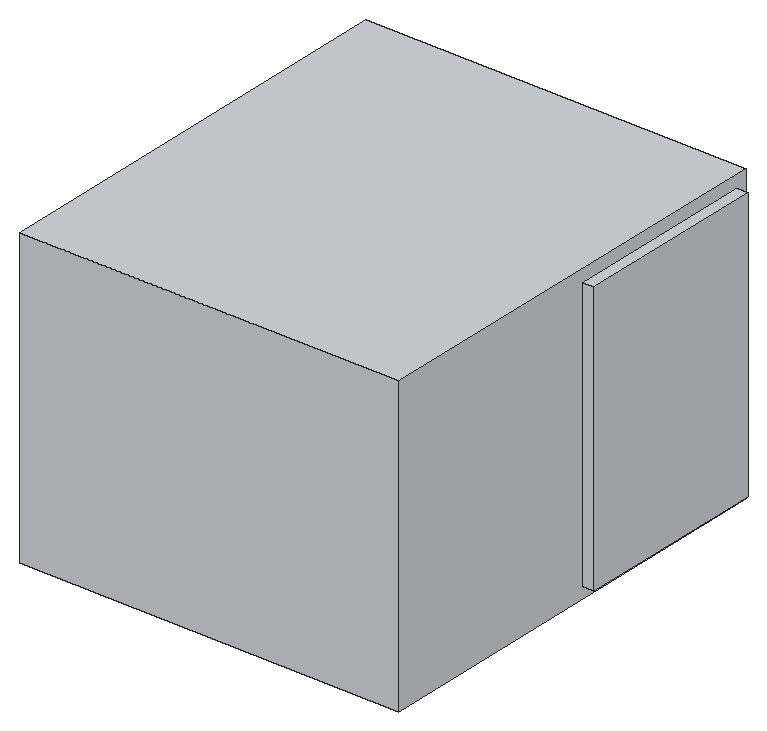
Revit family "M_Filtro - Saco", category Acessórios de duto, Revit 2019
Family settings
  Cota do conector redondo = Utilizar diâmetro
  Tipo de parte = Quebra em
  Número OmniClass = 23.75.50.17.11
  Título OmniClass = Air Filters
  ID de item do Seek = Filter - Bag-0000-CAN-ENU
  Com base no plano de trabalho = Não
  Sempre na vertical = Sim
  Corte com vazios quando carregada = Não
  Compartilhado = Não
Parameters (values of type "Para serpentina tamanho 3")
  Queda de pressão = 50.0 Pa
  Largura do filtro = 914 mm
  Comprimento do filtro = 800 mm
  Altura do filtro = 625 mm
  Largura do duto = Comprimento do filtro  # 800 mm
  Altura do duto = Altura do filtro  # 625 mm
  Material do filtro de saco = none
Types (17, lengths in mm): name | Largura do filtro | Comprimento do filtro | Altura do filtro | Largura do duto | Altura do duto
  (no name) | 914 | 800 | 625 | 800 | 625
  Para serpentina tamanho 3 | 914 | 800 | 625 | 800 | 625
  Para serpentina tamanho 6 | 1067 | 1100 | 700 | 1100 | 700
  Para serpentina tamanho 8 | 1118 | 1200 | 800 | 1200 | 800
  Para serpentina tamanho 10 | 864 | 1500 | 850 | 1500 | 850
  Para serpentina tamanho 12 | 965 | 1600 | 950 | 1600 | 950
  Para serpentina tamanho 14 | 1016 | 1700 | 1000 | 1700 | 1000
  Para serpentina tamanho 17 | 1118 | 1850 | 1100 | 1850 | 1100
  Para serpentina tamanho 21 | 1270 | 1900 | 1250 | 1900 | 1250
  Para serpentina tamanho 25 | 1422 | 1950 | 1400 | 1950 | 1400
  Para serpentina tamanho 30 | 1422 | 2300 | 1400 | 2300 | 1400
  Para serpentina tamanho 35 | 1219 | 2400 | 1550 | 2400 | 1550
  Para serpentina tamanho 40 | 1219 | 2750 | 1550 | 2750 | 1550
  Para serpentina tamanho 50 | 1219 | 3000 | 1850 | 3000 | 1850
  Para serpentina tamanho 66 | 1270 | 3450 | 2300 | 3450 | 2300
  Para serpentina tamanho 80 | 1372 | 3450 | 2750 | 3450 | 2750
  Para serpentina tamanho 100 | 1524 | 3750 | 3000 | 3750 | 3000
Reference planes
  plane 1 "Centro (Frente/Trás)": y = 0
  plane 2: z = 0
  plane 3 "Centro (Esquerda/Direita)": x = 0
  plane 4: x = -400
  plane 5: x = 400
  plane 6: y = 457
  plane 7: y = -457
  plane 8: z = 312.5
  plane 9: z = -312.5
  plane 10: x = -425.4
  plane 11: x = 425.4
  plane 12: y = 431.6
  plane 13: z = 287.1
  plane 14: z = -287.1
  plane 15: y = 25.2
Forms (mm)
  Extrusion 1, solid, material <- "Material do filtro de saco"
    sketch origin (0, 0, 0) x (1, 0, 0) y (0, 1, 0)
      loop
        line (-400, 457) -> (-400, -457) -> (400, -457) -> (400, 457) -> (-400, 457)
    from -312.5 to 312.5
  Extrusion 2, solid, material <- "Material do filtro de saco"
    sketch origin (0, 0, 0) x (0, 1, 0) y (0, 0, 1)
      loop
        line (25.2, 287.1) -> (25.2, -287.1) -> (431.6, -287.1) -> (431.6, 287.1) -> (25.2, 287.1)
    from 400 to 425.4
  Extrusion 3, solid, material <- "Material do filtro de saco"
    sketch origin (0, 0, 0) x (0, 1, 0) y (0, 0, 1)
      loop
        line (25.2, 287.1) -> (25.2, -287.1) -> (431.6, -287.1) -> (431.6, 287.1) -> (25.2, 287.1)
    from -425.4 to -400
Dimensions and locks
  equal spacing: plane 4, plane 3 "Centro (Esquerda/Direita)", plane 5
  "Comprimento do filtro": plane 4 to plane 5
  equal spacing: plane 6, plane 1 "Centro (Frente/Trás)", plane 7
  "Largura do filtro": plane 6 to plane 7
  equal spacing: plane 8, plane 2, plane 9
  "Altura do filtro": plane 8 to plane 9
  locked: plane 10 to plane 4 at 25.4
  locked: plane 5 to plane 11 at 25.4
  locked: plane 12 to plane 6 at 25.4
  locked: plane 15 to plane 12 at 406.4
  locked: plane 13 to plane 8 at 25.4
  locked: plane 14 to plane 9 at 25.4
  aligned and locked: plane 4 to Extrusion 1 sketch curve
  aligned and locked: Extrusion 1 sketch curve to plane 6
  aligned and locked: plane 7 to Extrusion 1 sketch curve
  aligned and locked: Extrusion 1 sketch curve to plane 5
  aligned and locked: Extrusion 1 to plane 9
  aligned and locked: plane 8 to Extrusion 1
  aligned and locked: plane 15 to Extrusion 2 sketch curve
  aligned and locked: plane 13 to Extrusion 2 sketch curve
  aligned and locked: plane 14 to Extrusion 2 sketch curve
  aligned and locked: plane 12 to Extrusion 2 sketch curve
  aligned and locked: plane 11 to Extrusion 2
  aligned and locked: Extrusion 2 to plane 5
  aligned and locked: Extrusion 3 sketch curve to Extrusion 2  (x3)
  aligned and locked: Extrusion 2 to Extrusion 3 sketch curve
  aligned and locked: Extrusion 3 to plane 10
  aligned and locked: plane 4 to Extrusion 3
Connectors
  hvac at (0, -457, 0), driven by "Altura do duto", driven by "Largura do duto"
    settings: on Extrusion 1, index 1, duct flow 0.0 L/s, flow factor 0, pres drop 0.0 Pa, loss coef 0, conn angle 0.00°, conn width 800 mm, conn height 625 mm, conn diameter 609.6 mm, duct sys type 29, conn prof type 1, flow config 0, flow direction 0, loss method 4, conn ref index 2, conn util no, is conn primary yes, conn desc ""
  hvac at (0, 457, 0), driven by "Queda de pressão", driven by "Altura do duto", driven by "Largura do duto"
    settings: on Extrusion 1, index 2, duct flow 0.0 L/s, flow factor 0, pres drop 50.0 Pa, loss coef 0, conn angle 0.00°, conn width 800 mm, conn height 625 mm, conn diameter 609.6 mm, duct sys type 29, conn prof type 1, flow config 0, flow direction 0, loss method 4, conn ref index 1, conn util no, is conn primary no, conn desc ""
